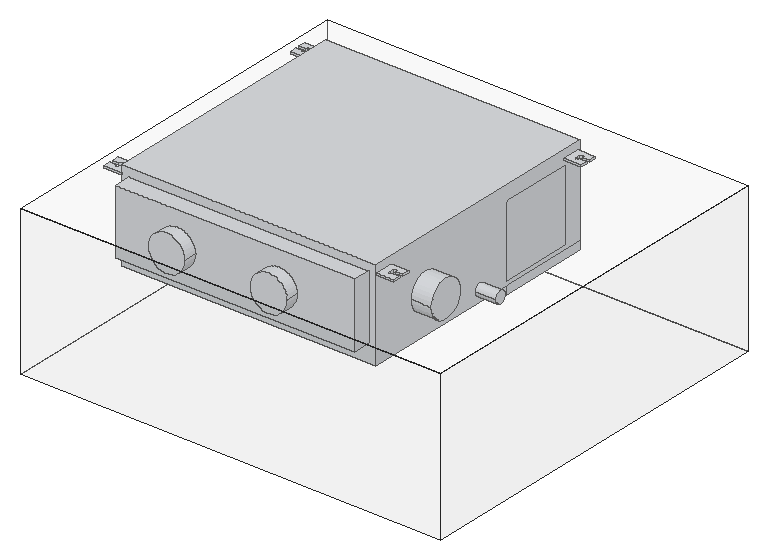
Revit family "pdfy-p22_140gmg9_50Hz", category 機械設備, Revit 2019
Family settings
  丸型コネクタ寸法 = 直径を使用
  パーツ タイプ = 標準
  OmniClass 番号 = 23.75.10.24.21.27.27
  OmniClass タイトル = Split System Air Conditioning Units
  作業面ベース = いいえ
  常に垂直 = いいえ
  ロード時にボイドで切り取り = いいえ
  共有 = いいえ
  部屋計算ポイント = はい
Parameters (values of type "PDFY-P22GMG9")
  騒音レベル（弱）(dB) = 51
  騒音レベル（中）(dB) = 55
  風量（弱）（m3／min） = 6
  風量（中）（m3／min） = 7.5
  風量（m3／min） = 8.5
  風量 = MAX風量  # 510.0 m³/h
  音響パワーレベル(dB) = 57
  電源種別 = ""
  電圧_電気ヒーター = 0 V
  電圧 = 200 V
  電動機出力_送風機 = 85 W
  運転質量 = 0.00 kg
  連動 = ""
  質量 = if(製品質量 > 運転質量, 製品質量, 運転質量) * 1.2  # 28.80 kg
  負荷分類 = 10_ファンコイル類
  説明 = "ビル用マルチエアコン 室内ユニット 天井ビルトイン形"
  設計暖房能力 [instance] = 0 kW
  設計冷房能力_顕熱 [instance] = 0 kW
  設計冷房能力 [instance] = 0 kW
  設置方法 = "天井吊(隠ぺい)形"
  記号 [instance] = ""
  製造元 = "三菱電機株式会社"
  製品質量 = 24.00 kg
  製品出荷対象 = "国内"
  製品リリース年月 = "2022年9月15日"
  製品グループ = ""
  系統 [instance] = ""
  符号 = "ACP-CIS"
  積算_科目 = "1 空気調和設備"
  積算_拾い区分 [instance] = ""
  相_電気ヒーター = 1
  相 = 1
  盤記号 [instance] = ""
  発停方法 = ""
  特殊仕様 [instance] = ""
  火災停止 = ""
  消費電力_電気ヒーター = 0 W
  消費電力_暖房 = 70 W
  消費電力_加湿器 = 0 W
  消費電力_冷房 = 90000 W
  消費電力 = if(消費電力_冷房 > 消費電力_暖房, 消費電力_冷房, 消費電力_暖房) + 消費電力_加湿器 + 消費電力_電気ヒーター  # 90000 W
  法定耐用年数 = "15"
  機外静圧 = 30.0 Pa
  極数 = 1
  材質 [instance] = ""
  有効加湿量 = 0
  暖房能力 = 2.5 kW
  形式_加湿器 = ""
  形式 = "天井吊（隠ぺい）形（片ダクト形）"
  幹線記号 [instance] = ""
  始動方式 = "直入"
  呼称 = "室内機_天井吊(隠ぺい)形(?ダクト形)"
  周波数 = 50 Hz
  台数_手元リモコン [instance] = ""
  台数_冷媒分岐ユニット [instance] = ""
  参照している仕様書等のバージョン = "公共建築工事標準仕様書（機械設備工事編）平成31年度版"
  加湿給水管径 = 0.00 mm
  分類コード = "50053003221050"
  分類グループ = ""
  冷房能力 = 2.2 kW
  冷媒高低圧ガス管径 = 0.00 mm
  冷媒管径符号 = "Ac"
  冷媒管径 = 100.00 mm
  冷媒液管径 = 6.35 mm
  冷媒ガス管径 = 12.70 mm
  価格 = 0
  企業コード = "108420"
  付属品_フィルター = ""
  付属品 [instance] = ""
  仕様書バージョン = "Version1.0"
  モデル = "PDFY-P22GMG9"
  パネル マテリアル = none
  ドレン管径 = 32.00 mm
  チャンバーボックス [instance] = yes
  ダクト高 = 178 mm
  ダクト幅 = 660 mm
  コメント [instance] = ""
  Keynote = ""
  Assembly Code = ""
  Width = 700 mm
  Version = ""
  Uniclass2015Version = "Systems v1.9"
  Uniclass2015Title = "Split coil remote air cooled condensing units"
  Uniclass2015Code = "Pr_70_65_03_84"
  URL = "https://www.mitsubishielectric.co.jp/ldg/wink/ssl/displayProduct.do?pid=317096"
  SpecificationReference = ""
  SpecificationDescription = ""
  Revision = ""
  ProductInformation = ""
  OmniClassCode = "23-33 17 13 11"
  MIN風量 = 風量（弱）（m3／min） * 60.0 m³/h  # 360.0 m³/h
  MID風量 = 風量（中）（m3／min） * 60.0 m³/h  # 450.0 m³/h
  MAX風量 = 風量（m3／min） * 60.0 m³/h  # 510.0 m³/h
  IfcTypeProduct = ""
  IfcProduct = ""
  IfcExportType = "AIRCONDITIONINGUNIT"
  IfcExportAs = "IfcUnitaryEquipmentType"
  Height = 250 mm
  Depth = 701 mm
  Author = "三菱電機株式会社"
Types (10, lengths in mm): name | 騒音レベル（弱）(dB) | 騒音レベル（中）(dB) | 風量（弱）（m3／min） | 風量（中）（m3／min） | 風量（m3／min） | 風量 | 音響パワーレベル(dB) | 電動機出力_送風機 | 質量 | 製品質量 | 消費電力_暖房 | 消費電力_冷房 | 消費電力 | 暖房能力 | 冷房能力 | 冷媒管径符号 | 冷媒液管径 | 冷媒ガス管径 | モデル | ダクト幅 | Width | URL | MIN風量 | MID風量 | MAX風量
  PDFY-P22GMG9 | 51 | 55 | 6 | 7.5 | 8.5 | 510.0 m³/h | 57 | 85 W | 28.80 kg | 24.00 kg | 70 W | 90000 W | 90000 W | 2.5 kW | 2.2 kW | "Ac" | 6.35 | 12.70 | "PDFY-P22GMG9" | 660 | 700 | "https://www.mitsubishielectric.co.jp/ldg/wink/ssl/displayProduct.do?pid=317096" | 360.0 m³/h | 450.0 m³/h | 510.0 m³/h
  PDFY-P28GMG9 | 51 | 56 | 6 | 7.5 | 8.5 | 510.0 m³/h | 57 | 85 W | 28.80 kg | 24.00 kg | 70 W | 90000 W | 90000 W | 3.2 kW | 2.8 kW | "Ac" | 6.35 | 12.70 | "PDFY-P28GMG9" | 660 | 700 | "https://www.mitsubishielectric.co.jp/ldg/wink/ssl/displayProduct.do?pid=317097" | 360.0 m³/h | 450.0 m³/h | 510.0 m³/h
  PDFY-P36GMG9 | 53 | 58 | 7 | 9 | 10.5 | 630.0 m³/h | 61 | 85 W | 28.80 kg | 24.00 kg | 110 W | 130000 W | 130000 W | 4 kW | 3.6 kW | "Ac" | 6.35 | 12.70 | "PDFY-P36GMG9" | 660 | 700 | "https://www.mitsubishielectric.co.jp/ldg/wink/ssl/displayProduct.do?pid=317098" | 420.0 m³/h | 540.0 m³/h | 630.0 m³/h
  PDFY-P45GMG9 | 53 | 56 | 9 | 12 | 14 | 840.0 m³/h | 59 | 85 W | 33.60 kg | 28.00 kg | 120 W | 140000 W | 140000 W | 5 kW | 4.5 kW | "Ac" | 6.35 | 12.70 | "PDFY-P45GMG9" | 860 | 900 | "https://www.mitsubishielectric.co.jp/ldg/wink/ssl/displayProduct.do?pid=317099" | 540.0 m³/h | 720.0 m³/h | 840.0 m³/h
  PDFY-P56GMG9 | 54 | 60 | 10 | 14.5 | 17 | 1020.0 m³/h | 62 | 85 W | 33.60 kg | 28.00 kg | 130 W | 150 W | 150 W | 6.3 kW | 5.6 kW | "Ac" | 6.35 | 15.90 | "PDFY-P56GMG9" | 860 | 900 | "https://www.mitsubishielectric.co.jp/ldg/wink/ssl/displayProduct.do?pid=317100" | 600.0 m³/h | 870.0 m³/h | 1020.0 m³/h
  PDFY-P71GMG9 | 56 | 60 | 12.5 | 16 | 19 | 1140.0 m³/h | 63 | 121 W | 39.60 kg | 33.00 kg | 140 W | 160 W | 160 W | 8 kW | 7.1 kW | "Bd" | 9.52 | 15.90 | "PDFY-P71GMG9" | 1060 | 1100 | "https://www.mitsubishielectric.co.jp/ldg/wink/ssl/displayProduct.do?pid=317101" | 750.0 m³/h | 960.0 m³/h | 1140.0 m³/h
  PDFY-P80GMG9 | 57 | 61 | 13 | 18 | 22 | 1320.0 m³/h | 64 | 121 W | 39.60 kg | 33.00 kg | 170 W | 190 W | 190 W | 9 kW | 8 kW | "Bd" | 9.52 | 15.90 | "PDFY-P80GMG9" | 1060 | 1100 | "https://www.mitsubishielectric.co.jp/ldg/wink/ssl/displayProduct.do?pid=317102" | 780.0 m³/h | 1080.0 m³/h | 1320.0 m³/h
  PDFY-P90GMG9 | 58 | 61 | 13 | 18 | 22 | 1320.0 m³/h | 64 | 121 W | 39.60 kg | 33.00 kg | 170 W | 190 W | 190 W | 10 kW | 9 kW | "Bd" | 9.52 | 15.90 | "PDFY-P90GMG9" | 1060 | 1100 | "https://www.mitsubishielectric.co.jp/ldg/wink/ssl/displayProduct.do?pid=317103" | 780.0 m³/h | 1080.0 m³/h | 1320.0 m³/h
  PDFY-P112GMG9 | 59 | 63 | 20 | 28 | 33 | 1980.0 m³/h | 67 | 244 W | 50.40 kg | 42.00 kg | 280 W | 300 W | 300 W | 12.5 kW | 11.2 kW | "Bd" | 9.52 | 15.90 | "PDFY-P112GMG9" | 1360 | 1400 | "https://www.mitsubishielectric.co.jp/ldg/wink/ssl/displayProduct.do?pid=317104" | 1200.0 m³/h | 1680.0 m³/h | 1980.0 m³/h
  PDFY-P140GMG9 | 62 | 67 | 24 | 34 | 40 | 2400.0 m³/h | 70 | 244 W | 50.40 kg | 42.00 kg | 390 W | 410 W | 410 W | 16 kW | 14 kW | "Bd" | 9.52 | 15.90 | "PDFY-P140GMG9" | 1360 | 1400 | "https://www.mitsubishielectric.co.jp/ldg/wink/ssl/displayProduct.do?pid=317105" | 1440.0 m³/h | 2040.0 m³/h | 2400.0 m³/h
Reference planes
  plane 1 "中心(正面/背面)": y = 0
  plane 2: z = 0
  plane 3 "中心(左/右)": x = 0
  plane 4: y = 407.5
  plane 5: x = -390
  plane 6: x = 770
  plane 7: y = -650.5
  plane 8: y = -350.5
  plane 9: y = 350.5
  plane 10: x = -350
  plane 11: x = 350
  plane 12: z = 22
  plane 13: z = 272
  plane 14: z = 282
  plane 15: z = -130
Lines and regions (mm)
  symbolic lines, detail levels fine
    curve 1: line (-350, 350.5, 0) -> (350, 350.5, 0)
    curve 2: line (-350, -350.5, 0) -> (-350, 350.5, 0)
    curve 3: line (350, -350.5, 0) -> (-350, -350.5, 0)
    curve 4: line (350, 350.5, 0) -> (350, -350.5, 0)
Dimensions and locks
  "Width": plane 10 to plane 11
  locked: plane 8 to plane 7 at 300
  locked: plane 4 to plane 9 at 57
  equal spacing: plane 9, plane 1 "中心(正面/背面)", plane 8
  "Depth": plane 9 to plane 8
  equal spacing: plane 10, plane 3 "中心(左/右)", plane 11
  locked: plane 11 to plane 6 at 420
  locked: plane 5 to plane 10 at 40
  locked: plane 12 to plane 2 at 22
  "Height": plane 13 to plane 12
  locked: plane 14 to plane 13 at 10
  locked: plane 2 to plane 15 at 130
  aligned and locked: level to plane 2
  aligned and locked: plane 1 "中心(正面/背面)" to nested 1
  aligned and locked: plane 3 "中心(左/右)" to nested 1
  aligned and locked: plane 6 to nested 2
  aligned and locked: plane 5 to nested 2
  aligned and locked: plane 15 to nested 2
  aligned and locked: plane 14 to nested 2
  aligned and locked: nested 2 to plane 7
  aligned and locked: nested 2 to plane 4
Automatic sketch dimensions
  curve 3 to plane 8 = 0 mm
  curve 3 to plane 10 = 0 mm
  curve 3 to plane 11 = 0 mm
  curve 2 to plane 9 = 0 mm
Nested families
  nested 1: "PDFY-P-GMG" at (0, 0, 0), ①高さ <- "Height", ①幅 <- "Width", ①奥行き <- "Depth", ダクト幅 <- "ダクト幅", ダクト高 <- "ダクト高", type "PDFY-P-GMG"
    with 配管径 100 mm, 液径 9.52 mm, 液W 57 mm, 液H 122 mm, 液D 136 mm, 吊りボルトW 754 mm, 吊りボルトH 20 mm, 吊りボルトD 643 mm, 加湿器径 0 mm, 加湿器W 0 mm, 加湿器H 0 mm, 加湿器D 0 mm, ドレン径 32 mm, ドレンW 58 mm, ドレンH 217 mm, ドレンD 356 mm, ダクト高 178 mm, ダクト幅 660 mm, ダクト④ no, ダクト③ no, ダクト② yes, ダクト① yes, ガス径 15.88 mm, ガスW 78 mm, ガスH 33 mm, ガスD 67 mm, ①高さ 250 mm, ①幅 700 mm, ①奥行き 701 mm, G 320 mm, F 320 mm, E 280 mm, D 210 mm
  nested 2: "サービススペース(PDFY-P-GMG)" at (190, -121.5, 76), type "サービススペース(PDFY-P-GMG)"
    with Width 1160 mm, Height 412 mm, Depth 1058 mm
Connectors
  piping at (407, -181, 133.5), diameter 100, driven by "冷媒管径"
    settings: on nested 1, index 5, connector inside diameter 609.60 mm, connector length 0 mm, flow factor 0, pipe flow 0.0 L/s, pressure drop 0.0 kPa, fitting loss kfactor 0, connector angle 0.00°, fixture units 0, engagement length 0 mm, angle of deflection 0.00°, flow configuration 1, flow direction 1, fitting loss method 4, system type 7, joint type 0, gender type 0, connector reference index -1, connector utility 0, adjustable connector no, is connector primary yes, connector description ""
  piping at (408, 5.5, 55), diameter 32, driven by "ドレン管径"
    settings: on nested 1, index 6, connector inside diameter 609.60 mm, connector length 0 mm, flow factor 0, pipe flow 0.0 L/s, pressure drop 0.0 kPa, fitting loss kfactor 0, connector angle 0.00°, fixture units 0, engagement length 0 mm, angle of deflection 0.00°, flow configuration 1, flow direction 1, fitting loss method 4, system type 16, joint type 0, gender type 0, connector reference index -1, connector utility 0, adjustable connector no, is connector primary no, connector description ""
  electrical at (351, 200.5, 133), driven by "極数", driven by "負荷分類", driven by "電圧", driven by "消費電力"
    settings: on nested 1, index 7, voltage 200 V, apparent load 90000 VA, apparent load phase1 0 VA, apparent load phase2 0 VA, apparent load phase3 0 VA, power factor 1, load classification "10_ファンコイル類", number of poles 1, system type 30, power factor state 1, is connector primary yes, connector utility no, sub classification motor no, connector description ""
  hvac at (0, -397.5, 160), driven by "ダクト高", driven by "ダクト幅"
    settings: on nested 1, index 8, duct flow 0.0 m³/h, flow factor 0, pres drop 0.0 Pa, loss coef 0, conn angle 0.00°, conn width 660 mm, conn height 178 mm, conn diameter 609.6 mm, duct sys type 1, conn prof type 1, flow config 1, flow direction 2, loss method 4, conn ref index -1, conn util no, is conn primary yes, conn desc ""
Definition of nested family "PDFY-P-GMG"
  Parameters (values of type "PDFY-P-GMG")
    加湿器径 [instance] = 0 mm
    加湿器W [instance] = 0 mm
    加湿器H [instance] = 0 mm
    加湿器D [instance] = 0 mm
    液径 [instance] = 9.52 mm
    吊りボルトW [instance] = ①幅 + 54 mm  # 754 mm
    吊りボルトH [instance] = 20 mm
    吊りボルトD [instance] = 643 mm  # constant formula
    配管径 [instance] = 100 mm  # constant formula
    液W [instance] = 57 mm  # constant formula
    液H [instance] = 122 mm  # constant formula
    液D [instance] = 136 mm  # constant formula
    ドレン径 [instance] = 32 mm  # constant formula
    ドレンW [instance] = 58 mm  # constant formula
    ドレンH [instance] = 217 mm  # constant formula
    ドレンD [instance] = 356 mm  # constant formula
    ダクト高 [instance] = 178 mm
    ダクト幅 [instance] = 660 mm
    ダクト④ [instance] = ①幅 > 1300 mm  # no
    ダクト③ [instance] = ①幅 > 1000 mm  # no
    ダクト② [instance] = yes
    ダクト① [instance] = yes
    ガス径 [instance] = 15.88 mm
    ガスW [instance] = 78 mm  # constant formula
    ガスH [instance] = 33 mm  # constant formula
    ガスD [instance] = 67 mm  # constant formula
    ①幅 [instance] = 700 mm
    ①高さ [instance] = 250 mm
    ①奥行き [instance] = 701 mm
    G [instance] = 320 mm  # constant formula
    F [instance] = 320 mm  # constant formula
    E [instance] = if(①幅 = 1400 mm, 320 mm, if(①幅 = 1100 mm, 330 mm, if(①幅 = 900 mm, 450 mm, 280 mm)))  # 280 mm
    D [instance] = if(①幅 = 1400 mm, 220 mm, if(①幅 = 1100 mm, 230 mm, if(①幅 = 900 mm, 225 mm, 210 mm)))  # 210 mm
  Reference planes
    plane 1 "中心(正面/背面)": y = 0
    plane 2: z = 0
    plane 3 "中心(左/右)": x = 0
    plane 4: x = -350
    plane 5: x = 350
    plane 6: y = 350.5
    plane 7: y = -350.5
    plane 8: z = 272
    plane 9: y = 317.5
    plane 10: y = -325.5
    plane 11: x = -377
    plane 12: x = 377
    plane 13: y = 421.5
    plane 14: z = 252
    plane 15: z = 247
    plane 16: y = -397.5
    plane 17: x = 330
    plane 18: x = -330
    plane 19: y = -432.5
    plane 20: z = 71
    plane 21: z = 249
    plane 22: x = -400
    plane 23: x = 400
    plane 24: y = -300.5
    plane 25: y = 342.5
    plane 26: y = 292.5
    plane 27: x = -480
    plane 28: x = -160
    plane 29: x = 120
    plane 30: x = -800
    plane 31: z = 156
    plane 32: z = 22
    plane 33: y = 100.5
    plane 34: y = 5.5
    plane 35: y = -147.5
    plane 36: y = -214.5
    plane 37: y = -181
    plane 38: z = 150
    plane 39: z = 117
    plane 40: z = 133.5
    plane 41: x = 407
    plane 42: x = 408
    plane 43: z = 55
    plane 44: x = 351
  Forms (mm)
    Extrusion 1, solid, detail levels fine
      sketch origin (0, 0, 0) x (1, 0, 0) y (0, 1, 0)
        loop
          line (-350, 350.5) -> (-350, -350.5) -> (350, -350.5) -> (350, 350.5) -> (-350, 350.5)
      from 22 to 272
    Extrusion 2, solid, detail levels fine
      sketch origin (0, 0, 0) x (1, 0, 0) y (0, 0, 1)
        loop
          line (330, 249) -> (-330, 249) -> (-330, 71) -> (330, 71) -> (330, 249)
      from 350.5 to 397.5
    Extrusion 3, solid, detail levels fine
      sketch origin (0, 0, 0) x (1, 0, 0) y (0, 1, 0)
        loop
          line (350, 342.5) -> (350, 292.5) -> (400, 292.5) -> (400, 312.5) -> (382, 312.5)
          arc (382, 312.5) -> (377, 307.5) -> (372, 312.5) r 5
          line (372, 312.5) -> (372, 322.5)
          arc (372, 322.5) -> (377, 327.5) -> (382, 322.5) r 5
          line (382, 322.5) -> (400, 322.5) -> (400, 342.5) -> (350, 342.5)
        loop
          line (400, -300.5) -> (350, -300.5) -> (350, -350.5) -> (400, -350.5) -> (400, -330.5) -> (382, -330.5)
          arc (382, -330.5) -> (377, -335.5) -> (372, -330.5) r 5
          line (372, -330.5) -> (372, -320.5)
          arc (372, -320.5) -> (377, -315.5) -> (382, -320.5) r 5
          line (382, -320.5) -> (400, -320.5) -> (400, -300.5)
        loop
          line (-400, 342.5) -> (-400, 322.5) -> (-382, 322.5)
          arc (-382, 322.5) -> (-377, 327.5) -> (-372, 322.5) r 5
          line (-372, 322.5) -> (-372, 312.5)
          arc (-372, 312.5) -> (-377, 307.5) -> (-382, 312.5) r 5
          line (-382, 312.5) -> (-400, 312.5) -> (-400, 292.5) -> (-350, 292.5) -> (-350, 342.5) -> (-400, 342.5)
        loop
          line (-400, -300.5) -> (-400, -320.5) -> (-382, -320.5)
          arc (-382, -320.5) -> (-377, -315.5) -> (-372, -320.5) r 5
          line (-372, -320.5) -> (-372, -330.5)
          arc (-372, -330.5) -> (-377, -335.5) -> (-382, -330.5) r 5
          line (-382, -330.5) -> (-400, -330.5) -> (-400, -350.5) -> (-350, -350.5) -> (-350, -300.5) -> (-400, -300.5)
      from 247 to 252
    Extrusion 4, solid, visible <- "ダクト①", detail levels fine
      sketch origin (0, 0, 0) x (1, 0, 0) y (0, 0, 1)
        loop
          circle (120, 156) r 50
      from 397.5 to 432.5
    Extrusion 5, solid, detail levels fine
      sketch origin (0, 0, 0) x (1, 0, 0) y (0, 1, 0)
        loop
          line (-350, 350.5) -> (-350, 100.5) -> (350, 100.5) -> (350, 350.5) -> (-350, 350.5)
      from 0 to 22
    Extrusion 6, solid, detail levels fine
      sketch origin (0, 0, 0) x (0, 1, 0) y (0, 0, 1)
        loop
          circle (-181, 133.5) r 50
      from 350 to 407
    Extrusion 7, solid, detail levels fine
      sketch origin (0, 0, 0) x (0, 1, 0) y (0, 0, 1)
        loop
          circle (5.5, 55) r 16
      from 350 to 408
    Extrusion 8, solid, detail levels fine
      sketch origin (0, 0, 0) x (0, 1, 0) y (0, 0, 1)
        loop
          line (100.5, 231) -> (100.5, 35) -> (300.5, 35) -> (300.5, 231) -> (100.5, 231)
      from 350 to 351
    Extrusion 9, solid, visible <- "ダクト②", detail levels fine
      sketch origin (-140, 0, 0) x (1, 0, 0) y (0, 0, 1)
        loop
          circle (-20, 156) r 50
      from 397.5 to 432.5
    Extrusion 10, solid, visible <- "ダクト③", detail levels fine
      sketch origin (-280, 0, 0) x (1, 0, 0) y (0, 0, 1)
        loop
          circle (-200, 156) r 50
      from 397.5 to 432.5
    Extrusion 11, solid, visible <- "ダクト④", detail levels fine
      sketch origin (-420, 0, 0) x (1, 0, 0) y (0, 0, 1)
        loop
          circle (-380, 156) r 50
      from 397.5 to 432.5
  Dimensions and locks
    equal spacing: plane 7, plane 1 "中心(正面/背面)", plane 6
    "①奥行き": plane 7 to plane 6
    equal spacing: plane 4, plane 3 "中心(左/右)", plane 5
    "①幅": plane 4 to plane 5
    equal spacing: plane 11, plane 3 "中心(左/右)", plane 12
    "吊りボルトW": plane 11 to plane 12
    locked: plane 8 to plane 14 at 20
    locked: plane 14 to plane 15 at 5
    "ダクト幅": plane 17 to plane 18
    locked: plane 5 to plane 17 at 20
    "ダクト高": plane 21 to plane 20
    locked: plane 22 to plane 11 at 23
    locked: plane 12 to plane 23 at 23
    locked: plane 9 to plane 6 at 33
    "吊りボルトD": plane 10 to plane 9
    plane 26 to plane 9 to plane 25 = 25 mm locked, 25 mm locked
    plane 7 to plane 10 to plane 24 = 25 mm, 25 mm
    locked: plane 8 to plane 21 at 23
    locked: plane 16 to plane 7 at 47
    locked: plane 19 to plane 16 at 35
    "D": plane 29 to plane 17
    "E": plane 28 to plane 29
    "F": plane 27 to plane 28
    "G": plane 30 to plane 27
    locked: plane 8 to plane 31 at 116
    locked: plane 32 to level at 22
    "①高さ": plane 8 to plane 32
    locked: plane 33 to plane 6 at 250
    "液D": plane 7 to plane 36
    "ドレンD": plane 7 to plane 34
    "ガスD": plane 36 to plane 35
    equal spacing: plane 36, plane 37, plane 35
    "液H": plane 8 to plane 38
    "ガスH": plane 38 to plane 39
    equal spacing: plane 38, plane 40, plane 39
    "液W": plane 5 to plane 41
    "ドレンW": plane 5 to plane 42
    "ドレンH": plane 8 to plane 43
    plane 8 to plane 43 = 217 mm
    locked: plane 5 to plane 44 at 1
    radius of Extrusion 4 sketch curve = 50 mm
    "配管径": diameter of Extrusion 6 sketch curve
    "ドレン径": diameter of Extrusion 7 sketch curve
    radius of Extrusion 9 sketch curve = 50 mm
    radius of Extrusion 10 sketch curve = 50 mm
    radius of Extrusion 11 sketch curve = 50 mm
    aligned and locked: level to plane 2
    aligned and locked: plane 6 to Extrusion 1 sketch curve
    aligned and locked: plane 4 to Extrusion 1 sketch curve
    aligned and locked: Extrusion 1 sketch curve to plane 7
    aligned and locked: Extrusion 1 sketch curve to plane 5
    aligned and locked: plane 8 to Extrusion 1
    aligned and locked: plane 21 to Extrusion 2 sketch curve
    aligned and locked: plane 17 to Extrusion 2 sketch curve
    aligned and locked: Extrusion 2 sketch curve to plane 20
    aligned and locked: Extrusion 2 sketch curve to plane 18
    aligned and locked: plane 16 to Extrusion 2
    aligned and locked: Extrusion 2 to plane 7
    aligned and locked: plane 10 to nested 1
    aligned and locked: plane 11 to nested 1
    aligned and locked: plane 12 to nested 1
    aligned and locked: nested 1 to plane 9
    aligned and locked: plane 25 to Extrusion 3 sketch curve  (x2)
    aligned and locked: plane 5 to Extrusion 3 sketch curve
    aligned and locked: Extrusion 3 sketch curve to plane 26  (x2)
    aligned and locked: Extrusion 3 sketch curve to plane 23  (x2)
    aligned and locked: Extrusion 3 sketch curve to plane 24
    aligned and locked: plane 23 to Extrusion 3 sketch curve  (x2)
    aligned and locked: Extrusion 1 to Extrusion 3 sketch curve  (x2)
    aligned and locked: Extrusion 3 sketch curve to Extrusion 1  (x2)
    aligned and locked: plane 22 to Extrusion 3 sketch curve  (x4)
    aligned and locked: Extrusion 3 sketch curve to plane 4
    aligned and locked: plane 24 to Extrusion 3 sketch curve
    aligned and locked: plane 11 to Extrusion 3 sketch curve  (x4)
    aligned and locked: plane 12 to Extrusion 3 sketch curve  (x4)
    aligned and locked: plane 14 to Extrusion 3
    aligned and locked: Extrusion 3 to plane 15
    aligned and locked: plane 29 to Extrusion 4 sketch curve
    aligned and locked: plane 31 to Extrusion 4 sketch curve
    aligned and locked: plane 19 to Extrusion 4
    aligned and locked: Extrusion 4 to plane 16
    aligned and locked: Extrusion 1 to plane 32
    aligned and locked: Extrusion 5 sketch curve to Extrusion 1  (x2)
    aligned and locked: Extrusion 5 sketch curve to plane 33
    aligned and locked: Extrusion 5 sketch curve to plane 5
    aligned and locked: Extrusion 5 to Extrusion 1
    aligned and locked: plane 37 to Extrusion 6 sketch curve
    aligned and locked: plane 40 to Extrusion 6 sketch curve
    aligned and locked: Extrusion 6 to plane 5
    aligned and locked: plane 41 to Extrusion 6
    aligned and locked: plane 34 to Extrusion 7 sketch curve
    aligned and locked: plane 43 to Extrusion 7 sketch curve
    aligned and locked: plane 42 to Extrusion 7
    aligned and locked: Extrusion 7 to plane 5
    aligned and locked: plane 44 to Extrusion 8
    aligned and locked: Extrusion 8 to plane 5
    aligned and locked: plane 28 to Extrusion 9 sketch curve
    aligned and locked: plane 31 to Extrusion 9 sketch curve
    aligned and locked: plane 27 to Extrusion 10 sketch curve
    aligned and locked: plane 31 to Extrusion 10 sketch curve
    aligned and locked: plane 31 to Extrusion 11 sketch curve
    aligned and locked: plane 30 to Extrusion 11 sketch curve
    aligned and locked: plane 19 to Extrusion 11
    aligned and locked: Extrusion 11 to plane 16
    aligned and locked: plane 19 to Extrusion 10
    aligned and locked: Extrusion 10 to plane 16
    aligned and locked: Extrusion 9 to plane 16
    aligned and locked: plane 19 to Extrusion 9
  Automatic sketch dimensions
    Extrusion 3 sketch curve to plane 11 = 5 mm  (x2)
    Extrusion 3 sketch curve to Extrusion 3 sketch curve = 5 mm
    Extrusion 3 sketch curve to plane 12 = 5 mm
    plane 10 to Extrusion 3 sketch curve = 5 mm  (x2)
    Extrusion 3 sketch curve to Extrusion 3 sketch curve = 0 mm  (x4)
    Extrusion 3 sketch curve to plane 10 = 5 mm  (x2)
    plane 9 to Extrusion 3 sketch curve = 5 mm  (x3)
    Extrusion 3 sketch curve to plane 9 = 5 mm  (x2)
    Extrusion 8 sketch curve to plane 33 = 0 mm
    Extrusion 8 sketch curve to plane 26 = 8 mm
    plane 32 to Extrusion 8 sketch curve = 13 mm
    Extrusion 8 sketch curve to plane 15 = 16 mm
  Nested families
    nested 1: "固定点" at (-377, -325.5, 0), type "固定点", detail levels fine
      with W 754 mm, D 643 mm, 中心円 10 mm
  Definition of nested family "固定点"
    Parameters (values of type "固定点")
      中心円 = 20 mm
      W [instance] = 1000 mm
      D [instance] = 1000 mm
    Reference planes
      plane 1 "中心(正面/背面)": y = 0
      plane 2: z = 0
      plane 3 "中心(左/右)": x = 0
      plane 4: x = 1000
      plane 5: y = 1000
    Lines and regions (mm)
      symbolic lines, detail levels fine
        curve 1: circle (0, 1000, 0) r 10 normal (0, 0, 1)
        curve 2: circle (0, 0, 0) r 10 normal (0, 0, 1)
        curve 3: circle (1000, 1000, 0) r 10 normal (0, 0, 1)
        curve 4: circle (1000, 0, 0) r 10 normal (0, 0, 1)
        curve 5: line (-200, 1000, 0) -> (1200, 1000, 0)
        curve 6: line (-200, 0, 0) -> (1200, 0, 0)
        curve 7: line (0, 1200, 0) -> (0, -200, 0)
        curve 8: line (1000, 1200, 0) -> (1000, -200, 0)
    Dimensions and locks
      "W": plane 3 "中心(左/右)" to plane 4
      "D": plane 1 "中心(正面/背面)" to plane 5
      "中心円": diameter of curve 1
      "中心円": diameter of curve 2
      "中心円": diameter of curve 3
      "中心円": diameter of curve 4
      aligned and locked: level to plane 2
      aligned and locked: plane 5 to curve 1
      aligned and locked: plane 3 "中心(左/右)" to curve 1
      aligned and locked: plane 3 "中心(左/右)" to curve 2
      aligned and locked: plane 1 "中心(正面/背面)" to curve 2
      aligned and locked: plane 4 to curve 3
      aligned and locked: plane 5 to curve 3
      aligned and locked: plane 1 "中心(正面/背面)" to curve 4
      aligned and locked: plane 4 to curve 4
      aligned and locked: plane 1 "中心(正面/背面)" to curve 6
      aligned and locked: curve 7 to plane 3 "中心(左/右)"
      aligned and locked: curve 8 to plane 4
    Automatic sketch dimensions
      curve 5 to plane 5 = 0 mm
      curve 6 to plane 3 "中心(左/右)" = 200 mm
      curve 5 to plane 3 "中心(左/右)" = 200 mm
      curve 4 to curve 6 = 200 mm
      curve 3 to curve 5 = 200 mm
      plane 1 "中心(正面/背面)" to curve 8 = 200 mm
      plane 1 "中心(正面/背面)" to curve 7 = 200 mm
      curve 3 to curve 8 = 200 mm
      curve 1 to curve 7 = 200 mm
Definition of nested family "サービススペース(PDFY-P-GMG)"
  Parameters (values of type "サービススペース")
    Width [instance] = 500 mm
    Height [instance] = 500 mm
    Depth [instance] = 500 mm
  Reference planes
    plane 1 "中心(正面/背面)": y = 0
    plane 2: z = 0
    plane 3 "中心(左/右)": x = 0
    plane 4: y = -250
    plane 5: x = 250
    plane 6: y = 250
    plane 7: x = -250
    plane 8: z = 250
    plane 9: z = -250
  Forms (mm)
    Extrusion 1, solid
      sketch origin (-638.939, 0, 72.39) x (1, 0, 0) y (0, 1, 0)
        loop
          line (388.939, 250) -> (388.939, -250) -> (888.939, -250) -> (888.939, 250) -> (388.939, 250)
      from -322.39 to 177.61
  Lines and regions (mm)
    symbolic lines
      curve 1: line (-250, 0, 250) -> (250, 0, 250)
      curve 2: line (-250, 0, -250) -> (-250, 0, 250)
      curve 3: line (250, 0, -250) -> (-250, 0, -250)
      curve 4: line (250, 0, 250) -> (250, 0, -250)
      curve 5: line (0, -250, 250) -> (0, 250, 250)
      curve 6: line (0, -250, -250) -> (0, -250, 250)
      curve 7: line (0, 250, -250) -> (0, -250, -250)
      curve 8: line (0, 250, 250) -> (0, 250, -250)
      curve 9: line (-250, 250, 0) -> (250, 250, 0)
      curve 10: line (-250, -250, 0) -> (-250, 250, 0)
      curve 11: line (250, -250, 0) -> (-250, -250, 0)
      curve 12: line (250, 250, 0) -> (250, -250, 0)
  Dimensions and locks
    equal spacing: plane 7, plane 3 "中心(左/右)", plane 5
    equal spacing: plane 4, plane 1 "中心(正面/背面)", plane 6
    "Depth": plane 4 to plane 6
    "Width": plane 7 to plane 5
    equal spacing: plane 8, plane 2, plane 9
    "Height": plane 8 to plane 9
    aligned and locked: plane 9 to curve 3
    aligned and locked: plane 7 to curve 2
    aligned and locked: curve 4 to plane 5
    aligned and locked: plane 5 to Extrusion 1
    aligned and locked: Extrusion 1 to plane 7
    aligned and locked: Extrusion 1 to plane 9
    aligned and locked: plane 8 to Extrusion 1
    aligned and locked: plane 9 to curve 7
  Automatic sketch dimensions
    plane 4 to Extrusion 1 sketch curve = 0 mm
    Extrusion 1 sketch curve to plane 7 = 0 mm
    Extrusion 1 sketch curve to plane 5 = 0 mm
    plane 6 to Extrusion 1 sketch curve = 0 mm
    curve 2 to plane 8 = 0 mm
    plane 4 to curve 11 = 0 mm
    curve 11 to plane 7 = 0 mm
    curve 11 to plane 5 = 0 mm
    plane 6 to curve 10 = 0 mm
    curve 7 to plane 4 = 0 mm
    curve 7 to plane 6 = 0 mm
    curve 6 to plane 8 = 0 mm
